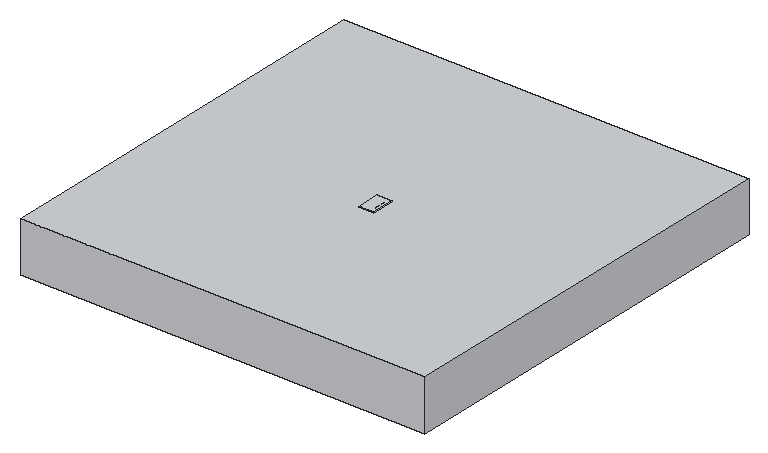
Revit family "M_Sensor de presença de parede - Baixa voltagem", category Dispositivos de iluminação, Revit 2019
Family settings
  Hospedeiro = Face
  Manter orientação da anotação = Sim
  Cota do conector redondo = Utilizar diâmetro
  Tipo de parte = Interruptor
  Número OmniClass = 23.85.80.11.27
  Título OmniClass = Lighting Controls
  ID de item do Seek = Wall Occupancy Sensor - Low Voltage-0000-CAN-ENU
  Corte com vazios quando carregada = Não
  Compartilhado = Não
  Ponto de cálculo do ambiente = Não
Parameters (values of type "Tecnologia dual")
  Largura 1 = 2 * Largura do sensor  # 90 mm
  Material do sensor = none
  Comprimento 1 = 2 * Comprimento do sensor  # 138 mm
  Altura 1 = 1 / 16 * Altura do sensor  # 2.875 mm
  Elevação-padrão = 1200 mm
  Largura do sensor = 45 mm
  Material do recobrimento = none
  Comprimento do sensor = 69 mm
  Altura do sensor = 46 mm
Types (4): name
  (no name)
  Infravermelho passivo
  Ultra sônico
  Tecnologia dual
Reference planes
  plane 1 "Centro (Frente/Trás)": y = 0
  plane 2: z = 0
  plane 3 "Centro (Esquerda/Direita)": x = 0
  plane 4: x = -22.5
  plane 5: x = 22.5
  plane 6: x = -45
  plane 7: x = 45
  plane 8: z = -46
  plane 9: z = 2.875
  plane 10: y = -69
  plane 11: y = -34.5
  plane 12: y = -138
  plane 13: y = -103.5
Forms (mm)
  Extrusion 1, solid
    sketch origin (0, 0, 0) x (1, 0, 0) y (0, 1, 0)
      loop
        line (-1219.2, 1219.2) -> (-1219.2, -1219.2) -> (1219.2, -1219.2) -> (1219.2, 1219.2) -> (-1219.2, 1219.2)
    from 0 to -304.8
  Extrusion 2, solid, material <- "Material do sensor"
    sketch origin (0, 0, 0) x (1, 0, 0) y (0, 1, 0)
      loop
        line (-22.5, -34.5) -> (-22.5, -103.5) -> (22.5, -103.5) -> (22.5, -34.5) -> (-22.5, -34.5)
    from -46 to 0
  Extrusion 3, solid, material <- "Material do recobrimento"
    sketch origin (0, 0, 0) x (1, 0, 0) y (0, 1, 0)
      loop
        line (-45, 0) -> (-45, -138) -> (45, -138) -> (45, 0) -> (-45, 0)
    from 0 to 2.875
Lines and regions (mm)
  symbolic lines, detail levels fine
    curve 1: line (-45, 0, 2.875) -> (45, 0, 2.875)
    curve 2: line (45, 0, 2.875) -> (45, 0, 0)
    curve 3: line (45, 0, 0) -> (-45, 0, 0)
    curve 4: line (-45, 0, 0) -> (-45, 0, 2.875)
    curve 5: line (-22.5, 0, 0) -> (-22.5, 0, -46)
    curve 6: line (-22.5, 0, -46) -> (22.5, 0, -46)
    curve 7: line (22.5, 0, -46) -> (22.5, 0, 0)
Dimensions and locks
  "Largura do sensor": plane 4 to plane 5
  equal spacing: plane 4, plane 3 "Centro (Esquerda/Direita)", plane 5
  equal spacing: plane 6, plane 3 "Centro (Esquerda/Direita)", plane 7
  "Largura 1": plane 6 to plane 7
  "Altura do sensor": plane 2 to plane 8
  "Altura 1": plane 9 to plane 2
  "Comprimento 1": plane 12 to plane 1 "Centro (Frente/Trás)"
  equal spacing: plane 12, plane 10, plane 1 "Centro (Frente/Trás)"
  equal spacing: plane 11, plane 10, plane 13
  "Comprimento do sensor": plane 11 to plane 13
  aligned and locked: plane 2 to Extrusion 1
  aligned and locked: level to Extrusion 1
  aligned and locked: plane 4 to Extrusion 2 sketch curve  (x2)
  aligned and locked: plane 5 to Extrusion 2 sketch curve
  aligned and locked: plane 6 to Extrusion 3 sketch curve  (x2)
  aligned and locked: plane 7 to Extrusion 3 sketch curve
  aligned and locked: plane 8 to Extrusion 2
  aligned and locked: plane 2 to Extrusion 2
  aligned and locked: Extrusion 3 to plane 2
  aligned and locked: Extrusion 3 to plane 9
  aligned and locked: plane 9 to curve 1
  aligned and locked: plane 2 to curve 3
  aligned and locked: plane 7 to curve 3
  aligned and locked: plane 6 to curve 4
  aligned and locked: curve 5 to plane 4
  aligned and locked: curve 7 to plane 5
  aligned and locked: plane 8 to curve 6
  aligned and locked: Extrusion 3 to plane 1 "Centro (Frente/Trás)"
  aligned and locked: Extrusion 3 to plane 12
  aligned and locked: Extrusion 3 to plane 7
  aligned and locked: Extrusion 3 to plane 6
  aligned and locked: plane 1 "Centro (Frente/Trás)" to Extrusion 3 sketch curve
  aligned and locked: plane 12 to Extrusion 3 sketch curve
  aligned and locked: Extrusion 2 sketch curve to plane 11
  aligned and locked: Extrusion 2 sketch curve to plane 13
  aligned and locked: nested 1 to plane 10
  aligned and locked: plane 3 "Centro (Esquerda/Direita)" to nested 1
Automatic sketch dimensions
  Extrusion 1 sketch curve to Extrusion 1 sketch curve = 2438.4 mm  (x2)
Nested families
  nested 1: "M_Anotação do sensor de presença da parede" at (0, -69, 0), type "Anotação do sensor de presença de parede", detail levels coarse+medium
Connectors
  electrical at (0, -69, 0)
    settings: on Extrusion 2, index 1, voltage 0 V, apparent load 0 VA, apparent load phase1 0 VA, apparent load phase2 0 VA, apparent load phase3 0 VA, power factor 1, load classification "Outros", number of poles 1, system type 13, power factor state 1, is connector primary yes, connector utility no, sub classification motor no, connector description ""
Definition of nested family "M_Anotação do sensor de presença da parede"
  Parameters
    Legenda = "OS"
  Reference planes
    plane 1: y = 0
    plane 2: x = 0
  Lines and regions (mm)
    detail lines
      curve 1: line (0, 3.175, 0) -> (0, 0, 0)
      curve 3: arc (0.383, 2.833, 0) -> (-0.62, 2.459, 0) -> (0, 1.587, 0) r 0.674
      curve 4: arc (0, 1.587, 0) -> (0.392, 0.545, 0) -> (-0.718, 0.631, 0) r 0.66
    reference lines
      curve 2: line (0, 1.587, 0) -> (-3.044, 1.588, 0)
      curve 5: line (2.564, -1.199, 0) -> (2.564, 2.384, 0)
      curve 6: line (2.564, -1.199, 0) -> (7.201, -1.199, 0)
      curve 7: line (2.564, 1.163, 0) -> (7.878, 1.163, 0)
  Text (mm)
    label "2" at (1.592, -0.127, 0), shows "Legenda"
  Dimensions and locks
    locked: curve 6 to curve 7 at 2.362
    locked: curve 1 to curve 5 at 2.564
    locked: curve 1 to curve 1 at 3.175
    locked: plane 1 to curve 2 at 1.588
    aligned and locked: curve 1 to curve 2
    aligned and locked: curve 3 to curve 2
    aligned and locked: curve 4 to curve 2
    aligned and locked: plane 1 to curve 1
    aligned and locked: curve 1 to plane 2
    aligned and locked: plane 2 to curve 1
